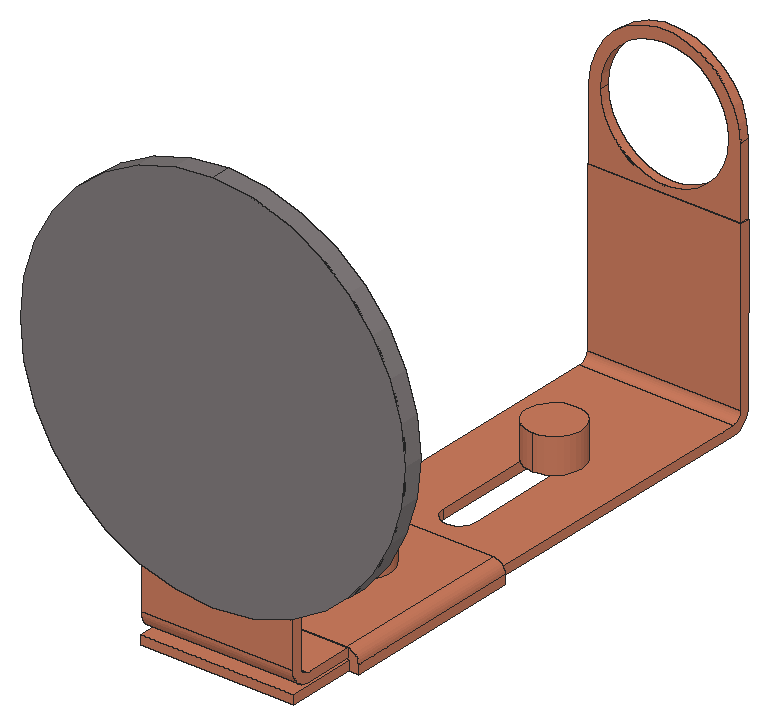
Revit family "LiquidSoapDispenserHolder-Vitra-SentoKidsSeries-A4491567", category Plumbing Fixtures, host Face, Revit 2017
Family settings
  Host = Face
  Round Connector Dimension = Use Diameter
  Part Type = Normal
  OmniClass Number = 23.45.00.00
  OmniClass Title = Sanitary, Laundry, and Cleaning Equipment
  Cut with Voids When Loaded = No
  Shared = Yes
  Room Calculation Point = No
Parameters (values of type "LiquidSoapDispenserHolder-Vitra-SentoKidsSeries-A4491567")
  Youtube = "https://www.youtube.com/user/VitrAglobal"
  Weight Net (kg) = "0.35"
  Waste Connection = no
  Warranty Period (Year) = "5 years"
  Vent Connection = no
  Uniformat II Description = "FURNISHINGS"
  Uniformat II Code = ""
  Uniclass 2015 Name = "Dispensers and acceptance units"
  Uniclass 2015 Code = "Pr_40_70_22"
  Uniclass 2.0 Description = "Sanitary Accessories"
  Uniclass 2.0 Code = "PR-31-75"
  Uniclass 1.4 Description = "Sanitary dispensers"
  Uniclass 1.4 Code = "L8244"
  URL = "https://vitraglobal.com/"
  UNSPSC Description = "Sanitary ware"
  UNSPSC Code = ""
  Technical description = "https://www.vitra.com.tr/pdf/A4491567/"
  Tap hole Options (default) = ""
  Specification = ""
  Secondary Material = Grey
  Region South America = "All"
  Region Oceania = "All"
  Region North America = "All"
  Region Middle East = "All"
  Region Europe = "All"
  Region Asia = "All"
  Region Antarctica = "All"
  Region Africa = "All"
  Product url = "https://www.vitra.com.tr/banyo-aksesuarlari/sabunluk-dis-fircalik/sivi-sabunluk/sento-cocuk-sivi-sabunluk-duvardan-sku-A4491567/"
  Product manual = ""
  Product group = "Liquid Soap Dispenser Holder"
  Product family = "Sento Kids Series"
  Product data url = ""
  Product certification = "https://www.vitraglobal.com/brochures/"
  Product Type = "Built-in Liquid Soap Dispenser Holder"
  Product SKU = "A4491567"
  Product Properties = ""
  Product Guid = ""
  OmniClass Description = "Lotion Dispensers"
  OmniClass Code = "23-21 43 15 23"
  Nominal Width (mm) = 84 mm
  Nominal Height (mm) = 125 mm
  Nominal Depth (mm) = 98 mm
  NBS Referans Description = "Sanitary Accessories"
  NBS Referans Code = "31-75"
  Mounting type = "Wall Mounted"
  Model = "A4491567"
  Masterformat 2014 Description = "Sanitary Facilities"
  Masterformat 2014 Code = "01 52 19"
  Manufacturer name = "Vitra"
  Manufacturer = "Vitra"
  Main Material = "Metal"
  Installation instructions = ""
  IFC Classification = "Sanitary Terminal"
  Help = ""
  HW Connection = no
  GTIP code = ""
  Features = ""
  EAN code = ""
  Design country = "Turkey"
  Description = "Sento Kids Liquid Soap Dispenser Holder"
  Default Elevation = 0 mm
  Color = "Orange"
  Coating Material = Orange
  Calculated flow = ""
  CW Connection = no
  COBIe Type Category = ""
  Brand = "VitrA"
  BIMobject category = "Sanitary - Accessories"
  Article No. (default) = "A4491567"
  Approvals = ""
  ApplicationType = ""
  Accessories (default) = ""
Reference planes
  plane 1 "Center (Front/Back)": y = 0
  plane 2: z = 0
  plane 3 "Center (Left/Right)": x = 0
  plane 4: y = 125
  plane 5: x = 42
  plane 6: x = -42
  plane 7: z = 98
Forms (mm)
  Extrusion 1, solid, material "Orange" <- "Coating Material", detail levels fine
    sketch origin (0, 0, 0) x (0, 1, 0) y (0, 0, 1)
      loop
        arc (123, 4) -> (122.414, 2.586) -> (121, 2) r 2
        line (121, 2) -> (1.2, 2) -> (1.2, 0) -> (121.049, 0)
        arc (121.049, 0) -> (123.843, 1.157) -> (125, 3.951) r 3.951
        line (125, 3.951) -> (125, 40.471) -> (123, 40.471) -> (123, 4)
    from -16.75 to 16.75
  Extrusion 2, solid, material "Orange" <- "Coating Material", detail levels fine
    sketch origin (-19.5, 56.2, 2.25) x (-1, 0, 0) y (0, 0, 1)
      loop
        line (-3.25, 2.25) -> (-35.75, 2.25)
        arc (-35.75, 2.25) -> (-37.518, 1.518) -> (-38.25, -0.25) r 2.5
        line (-38.25, -0.25) -> (-38.25, -2.25) -> (-36.25, -2.25) -> (-36.25, -0.25)
        arc (-36.25, -0.25) -> (-36.104, 0.104) -> (-35.75, 0.25) r 0.5
        line (-35.75, 0.25) -> (-3.25, 0.25)
        arc (-3.25, 0.25) -> (-2.896, 0.104) -> (-2.75, -0.25) r 0.5
        line (-2.75, -0.25) -> (-2.75, -2.25) -> (-0.75, -2.25) -> (-0.75, -0.25)
        arc (-0.75, -0.25) -> (-1.482, 1.518) -> (-3.25, 2.25) r 2.5
    from 0 to -40
  Extrusion 3, solid, material "Orange" <- "Coating Material", detail levels fine
    sketch origin (16.5, 8.7, 2.159) x (0, 0, -1) y (0, 1, 0)
      loop
        line (-17.403, -7.5) -> (-4.341, -7.5)
        arc (-4.341, -7.5) -> (-1.513, -6.328) -> (-0.341, -3.5) r 4
        line (-0.341, -3.5) -> (-0.341, 7.5) -> (-2.341, 7.5) -> (-2.341, -3.5)
        arc (-2.341, -3.5) -> (-2.927, -4.914) -> (-4.341, -5.5) r 2
        line (-4.341, -5.5) -> (-16.035, -5.5) -> (-17.403, -5.5) -> (-17.403, -7.5)
    from 0 to -33
  Extrusion 4, solid, material "Orange" <- "Coating Material", detail levels fine
    sketch origin (-5.724, 40.7, 12) x (0, 1, 0) y (-1, 0, 0)
      loop
        circle (0.003, -5.724) r 5.985
    from 0 to -7.5
  Extrusion 5, solid, material "Orange" <- "Coating Material", detail levels fine
    sketch origin (-5.724, 93.2, 9.5) x (0, 1, 0) y (-1, 0, 0)
      loop
        circle (-0.181, -5.724) r 5.951
    from 0 to -7.5
  Extrusion 6, void
    sketch origin (0, 0, 0) x (1, 0, 0) y (0, 1, 0)
      loop
        arc (3.6, 93) -> (0, 96.6) -> (-3.6, 93) r 3.6
        line (-3.6, 93) -> (-3.6, 67.2)
        arc (-3.6, 67.2) -> (0, 63.6) -> (3.6, 67.2) r 3.6
        line (3.6, 67.2) -> (3.6, 93)
    from 0 to 2
  Extrusion 7, solid, material "Orange" <- "Coating Material", detail levels fine
    sketch origin (0, 125.2, 2.63) x (-1, 0, 0) y (0, 0, 1)
      loop
        line (16.5, 37.841) -> (16.5, 53.37)
        arc (16.5, 53.37) -> (0, 69.87) -> (-16.5, 53.37) r 16.5
        line (-16.5, 53.37) -> (-16.5, 37.841) -> (16.5, 37.841)
      loop
        circle (0, 53.37) r 14
    from 0 to -2
  Extrusion 8, solid, material "Grey" <- "Secondary Material", detail levels fine
    sketch origin (-42.721, 4.2, 56) x (0, 0, 1) y (1, 0, 0)
      loop
        circle (-0.375, 42.721) r 42
    from 0 to -4.2
  Extrusion 9, solid, detail levels coarse
    sketch origin (0, 0, 0) x (1, 0, 0) y (0, 1, 0)
      loop
        line (42, 125) -> (-42, 125) -> (-42, 0) -> (42, 0) -> (42, 125)
    from 0 to 98
  Extrusion 10, solid, detail levels medium
    sketch origin (0, 0, 0) x (0, 1, 0) y (0, 0, 1)
      loop
        line (125.2, 72.5) -> (121.049, 72.5) -> (121.049, 9.648) -> (4.2, 9.648) -> (4.2, 98) -> (0, 98) -> (0, 0) -> (125.2, 0) -> (125.2, 72.5)
    from -42 to 42
Cuts and joins
  Extrusion 6 cuts Extrusion 1
  joined: Extrusion 1, Extrusion 2, Extrusion 4, Extrusion 5, Extrusion 7
Dimensions and locks
  "Nominal Width (mm)": plane 6 to plane 5
  "Nominal Height (mm)": plane 4 to plane 1 "Center (Front/Back)"
  "Nominal Depth (mm)": plane 7 to host face
  aligned and locked: plane 2 to host face
  aligned and locked: level to host face
Automatic sketch dimensions
  host sketch curve to host sketch curve = 2438.4 mm  (x2)
  Extrusion 1 sketch curve to level = 0 mm
  Extrusion 1 sketch curve to plane 4 = 0 mm
  Extrusion 1 sketch curve to plane 4 = 2 mm
  Extrusion 1 sketch curve to plane 4 = 3.951 mm
  Extrusion 1 sketch curve to Extrusion 1 sketch curve = 0.049 mm
  Extrusion 1 sketch curve to plane 1 "Center (Front/Back)" = 1.2 mm
  level to Extrusion 1 sketch curve = 2 mm
  Extrusion 1 sketch curve to Extrusion 1 sketch curve = 36.471 mm
  Extrusion 2 sketch curve to Extrusion 2 sketch curve = 0 mm  (x4)
  Extrusion 2 sketch curve to level = 0 mm  (x2)
  plane 3 "Center (Left/Right)" to Extrusion 2 sketch curve = 18.75 mm
  Extrusion 2 sketch curve to Extrusion 2 sketch curve = 2 mm
  Extrusion 2 sketch curve to Extrusion 2 sketch curve = 0.5 mm  (x2)
  level to Extrusion 2 sketch curve = 4.5 mm
  Extrusion 2 sketch curve to plane 3 "Center (Left/Right)" = 16.25 mm
  Extrusion 3 sketch curve to Extrusion 3 sketch curve = 0 mm  (x2)
  Extrusion 3 sketch curve to plane 1 "Center (Front/Back)" = 1.2 mm
  level to Extrusion 3 sketch curve = 19.562 mm
  Extrusion 3 sketch curve to Extrusion 3 sketch curve = 1.368 mm
  Extrusion 3 sketch curve to plane 1 "Center (Front/Back)" = 5.2 mm
  level to Extrusion 3 sketch curve = 6.5 mm
  Extrusion 3 sketch curve to Extrusion 3 sketch curve = 2 mm
  Extrusion 3 sketch curve to Extrusion 3 sketch curve = 11 mm
  Extrusion 4 sketch curve to plane 3 "Center (Left/Right)" = 0 mm
  Extrusion 4 sketch curve to plane 1 "Center (Front/Back)" = 40.703 mm
  Extrusion 5 sketch curve to plane 3 "Center (Left/Right)" = 0 mm
  Extrusion 5 sketch curve to plane 4 = 31.981 mm
  Extrusion 6 sketch curve to plane 3 "Center (Left/Right)" = 0 mm
  Extrusion 6 sketch curve to plane 3 "Center (Left/Right)" = 3.6 mm
  Extrusion 6 sketch curve to plane 4 = 57.8 mm
  Extrusion 6 sketch curve to Extrusion 6 sketch curve = 25.8 mm
  Extrusion 7 sketch curve to Extrusion 7 sketch curve = 0 mm  (x2)
  Extrusion 7 sketch curve to plane 3 "Center (Left/Right)" = 0 mm
  plane 3 "Center (Left/Right)" to Extrusion 7 sketch curve = 16.5 mm
  level to Extrusion 7 sketch curve = 40.471 mm
  Extrusion 7 sketch curve to Extrusion 7 sketch curve = 15.529 mm
  Extrusion 8 sketch curve to plane 3 "Center (Left/Right)" = 0 mm
  Extrusion 8 sketch curve to plane 7 = 42.375 mm
  Extrusion 9 sketch curve to plane 4 = 0 mm
  Extrusion 9 sketch curve to plane 6 = 0 mm
  plane 1 "Center (Front/Back)" to Extrusion 9 sketch curve = 0 mm
  Extrusion 9 sketch curve to plane 5 = 0 mm
  Extrusion 10 sketch curve to plane 1 "Center (Front/Back)" = 4.2 mm
  Extrusion 10 sketch curve to plane 7 = 0 mm
  Extrusion 10 sketch curve to plane 4 = 3.951 mm
  plane 4 to Extrusion 10 sketch curve = 0.2 mm
  Extrusion 10 sketch curve to plane 7 = 25.5 mm
  level to Extrusion 10 sketch curve = 0 mm
  Extrusion 10 sketch curve to plane 1 "Center (Front/Back)" = 0 mm
  level to Extrusion 10 sketch curve = 9.648 mm
  radius of Extrusion 4 sketch curve = 5.985 mm
  radius of Extrusion 5 sketch curve = 5.951 mm
  radius of Extrusion 7 sketch curve = 14 mm
  radius of Extrusion 8 sketch curve = 42 mm
